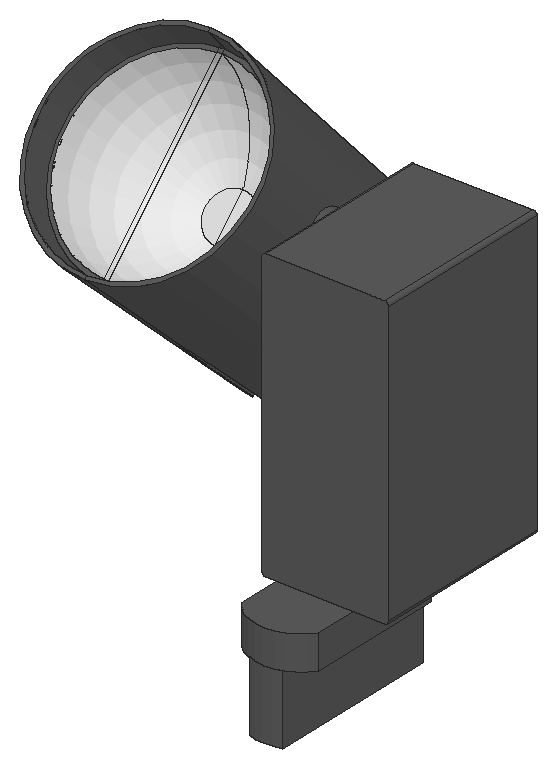
Revit family "0004899 Feilo Sylvania Lighting Fixture START TRACK SPOT S 24W 4K RA90 MB BLACK", category Lighting Fixtures, host Face, Revit 2017 (continued)
Definition of nested family "Start Track Spot Head"
  Types (96, lengths in mm): name | Wattage | built-in parameter 1150134 | Photometric Web File | Model | built-in parameter 1150105 | Lumens | built-in parameter 1150107 | built-in parameter 1150106 | HeadThickness_FEILO | HeadRibOffset_FEILO | HeadRibDepth_FEILO | HeadRibCutWidth_FEILO | HeadRibCutOffset_FEILO | HeadReflectorRadius_FEILO | HeadReflectorOffset_FEILO | HeadLEDRadius_FEILO | HeadHeight_FEILO | HeadDiffusorOffset_FEILO | HeadDiaOut_FEILO | HeadDiaIn_FEILO | HeadAxisFromTop_FEILO | Emit from Circle Diameter | built-in parameter 1150104 | Description | Apparent Load
    0004812 START TRACK SPOT S 14W 3K RA80 MB WHITE | 14 W | (empty or 0) | "0004812.ies" | "START TRACK SPOT S 14W 3K RA80 MB WHITE" | 120.32 (stored number, unit not read) | 1512 lm | 3000 (stored number, unit not read) | 1.2032 (stored number, unit not read) | 1.5 | 4.179 | 55.714 | 7.167 | 50.87 | 50.588 | 55.714 | 9.556 | 117 | 9.435 | 86 | 77.477 | 69.354 | 77.477 | 10.034 (stored number, unit not read) | "Integrated LED spotlight, Textured White - RAL9016, compact and minimalist design, ideal for retail applications, die-cast aluminium body, passive cooling heatsink. Beam angle: 36°, color temperature: 3000K , total system power: 14W, total fixture output: 1508 lm, LOR: 100%, colour rendering: Ra: 80 typical, LED Chromaticity: 3 step MacAdam ellipse, lifetime: >50000 hours at L70B50, energy class: A++, A+, A, IR/UV free light source without heat radiation, operating voltage: 220-240V / 50-60Hz, drive current: 350mA, electronic driver, non-dimmable, power factor: 0.92, electrical protection: Class II, Global Track 3 Phase adapter suitable for Global trac 3-circuit tracks, ingress protection rating: IP20, suitable for internal environment only, horizontal rotation: 355°, vertical tilt: 90°, dimensions: Ø86x140x200, weight: 0.940kg." | 14 VA
    0004811 START TRACK SPOT S 14W 3K RA80 NB WHITE | 14 W | (empty or 0) | "0004811.ies" | "START TRACK SPOT S 14W 3K RA80 NB WHITE" | 123.66 (stored number, unit not read) | 1554 lm | 3000 (stored number, unit not read) | 1.2366 (stored number, unit not read) | 1.5 | 4.179 | 55.714 | 7.167 | 50.87 | 50.588 | 55.714 | 9.556 | 117 | 9.435 | 86 | 77.477 | 69.354 | 77.477 | 10.312 (stored number, unit not read) | "Integrated LED spotlight, Textured White - RAL9016, compact and minimalist design, ideal for retail applications, die-cast aluminium body, passive cooling heatsink. Beam angle: 12°, color temperature: 3000K , total system power: 14W, total fixture output: 1551 lm, LOR: 100%, colour rendering: Ra: 80 typical, LED Chromaticity: 3 step MacAdam ellipse, lifetime: >50000 hours at L70B50, energy class: A++, A+, A, IR/UV free light source without heat radiation, operating voltage: 220-240V / 50-60Hz, drive current: 350mA, electronic driver, non-dimmable, power factor: 0.92, electrical protection: Class II, Global Track 3 Phase adapter suitable for Global trac 3-circuit tracks, ingress protection rating: IP20, suitable for internal environment only, horizontal rotation: 355°, vertical tilt: 90°, dimensions: Ø86x140x200, weight: 0.940kg." | 14 VA
  Reference planes
    plane 1 "Center (Front/Back)": y = 0
    plane 2: z = 0
    plane 3 "Center (Left/Right)": x = 0
    plane 4: x = 43
    plane 5: x = -43
    plane 6: x = -38.739
    plane 7: x = 38.739
    plane 8: z = 69.354
    plane 9: z = -47.646
    plane 10: x = -41.5
    plane 11: x = -37.239
    plane 12: z = -38.211
    plane 13: z = -35.211
    plane 14: z = 8.068
    plane 15: x = -9.556
    plane 16: x = -28.667
    plane 17: x = -19.111
    plane 18: x = -27.167
    plane 19: x = -17.611
    plane 20: x = -8.056
    plane 21: z = 13.64
    plane 22: x = -29.667
    plane 23: x = -26.167
    plane 24: x = -20.111
    plane 25: x = -16.611
    plane 26: x = -10.556
    plane 27: x = -7.056
    plane 28: x = -36.239
    plane 29: x = -40.5
    plane 30: z = 65.175
    plane 31: z = 60.997
    plane 32: z = 56.818
    plane 33: z = 18.484
    plane 34: y = -43
    plane 35: y = 43
    plane 36: y = 3.583
    plane 37: y = -3.583
    plane 38: y = -2.583
    plane 39: y = 2.583
    plane 40: y = 46
    plane 41: z = 13.5
    plane 42: z = -13.5
    plane 43: y = 39
    plane 44: x = 4.708
    plane 45: x = -2.458
    plane 46: x = -1.458
    plane 47: x = 1.458
  Forms (mm)
    Extrusion 1, solid
      sketch origin (4.2, 0, 0) x (1, 0, 0) y (0, 1, 0)
        loop
          line (-1219.2, 1219.2) -> (-1219.2, -1219.2) -> (1219.2, -1219.2) -> (1219.2, 1219.2) -> (-1219.2, 1219.2)
      from 0 to -68.017
    Revolve 2, solid, material <- "Material_1_FEILO", detail levels medium+fine
      sketch origin (0, 0, 0) x (1, 0, 0) y (0, 0, 1)
        loop
          line (-43, -47.646) -> (-41.5, -47.646) -> (-40.5, -35.211) -> (-38.739, -35.211)
          arc (-38.739, -35.211) -> (-30.16, -9.517) -> (-9.556, 8.068) r 50.588
          line (-9.556, 8.068) -> (0, 8.068) -> (0, 13.64) -> (-16.611, 13.64) -> (-17.611, 60.997) -> (-19.111, 60.997) -> (-20.111, 13.64) -> (-36.239, 13.64) -> (-37.239, 69.354) -> (-38.739, 69.354) -> (-43, -47.646)
        axis (0, 69.354) -> (0, -47.646)
      angle from 360 to 0
    Extrusion 3, void
      sketch origin (0, 0, 0) x (0, 1, 0) y (0, 0, 1)
        loop
          line (-3.583, 69.354) -> (-2.583, 18.484) -> (1.932, 18.484) -> (2.932, 69.354) -> (-3.583, 69.354)
      from 43 to -43
    Revolve 4, solid, material <- "Material_2_FEILO", detail levels medium+fine
      sketch origin (0, 0, 0) x (1, 0, 0) y (0, 0, 1)
        loop
          line (-41.5, -38.211) -> (0, -38.211) -> (0, -35.211) -> (-41.5, -35.211) -> (-41.5, -38.211)
        axis (0, -35.211) -> (0, -38.211)
      angle from 360 to 0
    Revolve 5, solid, material <- "Material_1_FEILO"
      sketch origin (0, 0, 0) x (0, 1, 0) y (0, 0, 1)
        loop
          line (46, 0) -> (39, 0) -> (39, -13.5) -> (46, -13.5) -> (46, 0)
        axis (39, 0) -> (46, 0)
      angle from 360 to 0
    Revolve 6, solid, material <- "Material_1_FEILO", detail levels medium+fine
      sketch origin (0, 0, 0) x (1, 0, 0) y (0, 0, 1)
        loop
          line (-29.667, 13.64) -> (-26.167, 13.64) -> (-27.167, 65.175) -> (-28.667, 65.175) -> (-29.667, 13.64)
        loop
          line (-10.556, 13.64) -> (-7.056, 13.64) -> (-7.833, 56.818) -> (-9.778, 56.818) -> (-10.556, 13.64)
        axis (0, 65.175) -> (0, 13.64)
      angle from 360 to 0
    Extrusion 7, void
      sketch origin (0, 0, 0) x (1, 0, 0) y (0, 0, 1)
        loop
          line (4.708, 69.354) -> (-2.458, 69.354) -> (-1.458, 13.64) -> (1.458, 13.64) -> (4.708, 69.354)
      from -43 to 43
    Revolve 8, solid, material <- "Material_1_FEILO", detail levels coarse
      sketch origin (0, 0, 0) x (1, 0, 0) y (0, 0, 1)
        loop
          line (0, 69.354) -> (-38.739, 69.354) -> (-43, -47.646) -> (-41.5, -47.646) -> (-40.731, -38.211) -> (0, -38.211) -> (0, 69.354)
        axis (0, 69.354) -> (0, -47.646)
      angle from 360 to 0
  Cuts and joins
    Extrusion 3 cuts Revolve 2
    Extrusion 7 cuts Revolve 6
  Dimensions and locks
    equal spacing: plane 7, plane 3 "Center (Left/Right)", plane 6
    equal spacing: plane 4, plane 3 "Center (Left/Right)", plane 5
    "HeadDiaOut_FEILO": plane 4 to plane 5
    "HeadDiaIn_FEILO": plane 7 to plane 6
    "HeadHeight_FEILO": plane 8 to plane 9
    "HeadThickness_FEILO": plane 10 to plane 5
    "HeadThickness_FEILO": plane 11 to plane 6
    "HeadDiffusorOffset_FEILO": plane 12 to plane 9
    "HeadDiffusorThickness_FEILO": plane 13 to plane 12
    "HeadReflectorOffset_FEILO": plane 14 to plane 9
    "HeadLEDRadius_FEILO": plane 3 "Center (Left/Right)" to plane 15
    "HeadLEDRadius_FEILO": plane 15 to plane 17
    "HeadLEDRadius_FEILO": plane 17 to plane 16
    "HeadThickness_FEILO": plane 18 to plane 16
    "HeadThickness_FEILO": plane 19 to plane 17
    "HeadThickness_FEILO": plane 20 to plane 15
    "HeadRibDepth_FEILO": plane 8 to plane 21
    "HeadDraft_FEILO": plane 16 to plane 22
    "HeadDraft_FEILO": plane 23 to plane 18
    "HeadDraft_FEILO": plane 17 to plane 24
    "HeadDraft_FEILO": plane 25 to plane 19
    "HeadDraft_FEILO": plane 15 to plane 26
    "HeadDraft_FEILO": plane 27 to plane 20
    "HeadDraft_FEILO": plane 29 to plane 10
    "HeadDraft_FEILO": plane 28 to plane 11
    "HeadRibOffset_FEILO": plane 8 to plane 30
    "HeadRibOffset_FEILO": plane 30 to plane 31
    "HeadRibOffset_FEILO": plane 31 to plane 32
    "HeadAxisFromTop_FEILO": plane 8 to plane 2
    "HeadRibCutOffset_FEILO": plane 8 to plane 33
    equal spacing: plane 34, plane 1 "Center (Front/Back)", plane 35
    "HeadDiaOut_FEILO": plane 34 to plane 35
    equal spacing: plane 38, plane 1 "Center (Front/Back)", plane 39
    equal spacing: plane 37, plane 1 "Center (Front/Back)", plane 36
    "HeadRibCutWidth_FEILO": plane 37 to plane 36
    "HeadDraft_FEILO": plane 37 to plane 38
    locked: plane 35 to plane 40 at 3
    equal spacing: plane 41, plane 2, plane 42
    locked: plane 42 to plane 41 at 27
    locked: plane 43 to plane 35 at 4
    equal spacing: plane 45, imposter light, plane 44
    "HeadDraft_FEILO": plane 46 to plane 45
    "HeadRibCutWidth_FEILO": plane 44 to plane 45
    equal spacing: plane 47, plane 3 "Center (Left/Right)", plane 46
    "HeadReflectorRadius_FEILO": radius of Revolve 2 sketch curve
    aligned and locked: plane 2 to Extrusion 1
    aligned and locked: level to Extrusion 1
    aligned and locked: Revolve 2 sketch curve to plane 3 "Center (Left/Right)"  (x2)
    aligned and locked: plane 9 to Revolve 2 sketch curve  (x2)
    aligned and locked: plane 5 to Revolve 2 sketch curve
    aligned and locked: plane 10 to Revolve 2 sketch curve
    aligned and locked: plane 14 to Revolve 2 sketch curve
    aligned and locked: plane 8 to Revolve 2 sketch curve
    aligned and locked: Revolve 2 sketch curve to plane 13
    aligned and locked: plane 12 to Revolve 4 sketch curve
    aligned and locked: plane 3 "Center (Left/Right)" to Revolve 4 sketch curve
    aligned and locked: Revolve 4 sketch curve to plane 10
    aligned and locked: Revolve 4 sketch curve to plane 3 "Center (Left/Right)"
    aligned and locked: plane 12 to imposter light
    aligned and locked: imposter light to plane 1 "Center (Front/Back)"
    aligned and locked: Revolve 5 sketch curve to plane 2
    aligned and locked: plane 43 to Revolve 5 sketch curve
    aligned and locked: plane 42 to Revolve 5 sketch curve
    aligned and locked: Revolve 6 sketch curve to plane 3 "Center (Left/Right)"
    aligned and locked: plane 22 to Revolve 6 sketch curve
    aligned and locked: plane 30 to Revolve 6 sketch curve
    aligned and locked: plane 23 to Revolve 6 sketch curve
    aligned and locked: Revolve 6 sketch curve to plane 21  (x2)
    aligned and locked: plane 21 to Revolve 6 sketch curve
    aligned and locked: plane 17 to Revolve 2 sketch curve
    aligned and locked: plane 19 to Revolve 2 sketch curve
    aligned and locked: plane 31 to Revolve 2 sketch curve
    aligned and locked: plane 21 to Revolve 2 sketch curve
    aligned and locked: Extrusion 3 to plane 8
    aligned and locked: plane 33 to Extrusion 3
    aligned and locked: plane 8 to Extrusion 3 sketch curve
    aligned and locked: Extrusion 3 sketch curve to plane 33
    aligned and locked: Extrusion 3 to plane 5
    aligned and locked: plane 4 to Extrusion 3
    aligned and locked: plane 32 to Revolve 6 sketch curve
    aligned and locked: plane 44 to Extrusion 7 sketch curve
    aligned and locked: Extrusion 7 sketch curve to plane 8
    aligned and locked: plane 46 to Extrusion 7 sketch curve
    aligned and locked: plane 21 to Extrusion 7 sketch curve
    aligned and locked: plane 34 to Extrusion 7
    aligned and locked: Extrusion 7 to plane 35
    aligned and locked: Revolve 4 sketch curve to plane 13
    aligned and locked: Revolve 5 sketch curve to plane 40
    aligned and locked: Revolve 8 sketch curve to plane 3 "Center (Left/Right)"
    aligned and locked: Revolve 8 sketch curve to cut or joined group of Revolve 2, Extrusion 3  (x3)
    aligned and locked: plane 5 to Revolve 8 sketch curve
    aligned and locked: plane 3 "Center (Left/Right)" to Revolve 8 sketch curve
    aligned and locked: plane 12 to Revolve 8 sketch curve
  Automatic sketch dimensions
    Extrusion 1 sketch curve to Extrusion 1 sketch curve = 2438.4 mm  (x2)
    Extrusion 3 sketch curve to plane 37 = 0 mm
    Extrusion 3 sketch curve to plane 38 = 0 mm
    plane 39 to Extrusion 3 sketch curve = 0.651 mm
    Extrusion 3 sketch curve to plane 39 = 0.349 mm
    Revolve 6 sketch curve to plane 16 = 0 mm
    Revolve 6 sketch curve to plane 18 = 0 mm
    Revolve 6 sketch curve to plane 26 = 0 mm
    Revolve 6 sketch curve to plane 27 = 0 mm
    Revolve 6 sketch curve to plane 15 = 0.222 mm
    plane 9 to Revolve 6 sketch curve = 559.103 mm
    Revolve 6 sketch curve to plane 8 = 2535.555 mm
    plane 20 to Revolve 6 sketch curve = 0.222 mm
    Revolve 2 sketch curve to plane 29 = 0 mm
    Revolve 2 sketch curve to plane 6 = 0 mm  (x2)
    Revolve 2 sketch curve to plane 11 = 0 mm
    Revolve 2 sketch curve to plane 21 = 0 mm
    Revolve 2 sketch curve to plane 28 = 0 mm
    Revolve 2 sketch curve to plane 24 = 0 mm
    Revolve 2 sketch curve to plane 25 = 0 mm
    Revolve 2 sketch curve to plane 15 = 0 mm
    Revolve 2 sketch curve to Revolve 2 sketch curve = 557.155 mm
    Revolve 2 sketch curve to plane 8 = 2535.558 mm
    Extrusion 7 sketch curve to plane 45 = 0 mm
    Extrusion 7 sketch curve to plane 47 = 0 mm
    plane 9 to Revolve 4 sketch curve = 559.103 mm
    Revolve 4 sketch curve to plane 8 = 2535.555 mm
    Revolve 5 sketch curve to level = 0 mm
    plane 34 to Revolve 5 sketch curve = 1968.092 mm
    Revolve 5 sketch curve to plane 40 = 1405.763 mm
    Revolve 8 sketch curve to plane 6 = 0 mm
    Revolve 8 sketch curve to plane 29 = 0.231 mm
    plane 9 to Revolve 8 sketch curve = 559.103 mm
    Revolve 8 sketch curve to Revolve 8 sketch curve = 2535.555 mm
Definition of nested family "Start Track Spot Box"
  Parameters (values of type "Type Large White")
    URL = "http://www.feilosylvania.com"
    Type Image = (empty or 0)
    Type Comments = "n/a"
    Small_FEILO = no
    Material_3_FEILO = none
    Model = ""
    Manufacturer = "Feilo Sylvania"
    Keynote = ""
    Material_2_FEILO = none
    Description = ""
    Default Elevation = 1219.2 mm
    Cost = 0
    Material_1_FEILO = none
    BoxWidth_FEILO = 49 mm
    BoxStartAngle_FEILO [instance] = 0.00°
    BoxRadius_FEILO = 1.5 mm
    BoxHeight_FEILO = if(Small_FEILO, 112 mm, 136 mm)  # 136 mm
    BoxEndAngle_FEILO [instance] = BoxStartAngle_FEILO - 180.00°  # -180.00°
    BoxDepth_FEILO = if(Small_FEILO, 71.5 mm, 79 mm)  # 79 mm
    BoxAxisVerticalOffset_FEILO = 16 mm
    BoxAxisOffset_FEILO = BoxHeight_FEILO / 6.8  # 20 mm
    Assembly Code = ""
    Material_4_FEILO = none
  Types (4, lengths in mm): name | Small_FEILO | BoxHeight_FEILO | BoxDepth_FEILO | BoxAxisOffset_FEILO
    Type Large White | no | 136 | 79 | 20
    Type Small White | yes | 112 | 71.5 | 16.471
    Type Small Black | yes | 112 | 71.5 | 16.471
    Type Large Black | no | 136 | 79 | 20
  Reference planes
    plane 1 "Center (Front/Back)": y = 0
    plane 2: z = 0
    plane 3 "Center (Left/Right)": x = 0
    plane 4: x = 24.5
    plane 5: x = -24.5
    plane 6: y = 68
    plane 7: y = -68
    plane 8: z = 39.5
    plane 9: z = -39.5
    plane 10: y = -48
    plane 11: x = 30.5
    plane 12: x = 8.5
    plane 13: x = 21.5
    plane 14: y = 70
    plane 15: y = 72
    plane 16: x = 19.5
  Forms (mm)
    Extrusion 1, solid
      sketch origin (4.2, 0, 0) x (1, 0, 0) y (0, 1, 0)
        loop
          line (-1219.2, 1219.2) -> (-1219.2, -1219.2) -> (1219.2, -1219.2) -> (1219.2, 1219.2) -> (-1219.2, 1219.2)
      from 0 to -68.017
    Extrusion 2, solid, material <- "Material_1_FEILO"
      sketch origin (0, 0, 0) x (1, 0, 0) y (0, 1, 0)
        loop
          arc (-23, 68) -> (-24.061, 67.561) -> (-24.5, 66.5) r 1.5
          line (-24.5, 66.5) -> (-24.5, -66.5)
          arc (-24.5, -66.5) -> (-24.061, -67.561) -> (-23, -68) r 1.5
          line (-23, -68) -> (23, -68)
          arc (23, -68) -> (24.061, -67.561) -> (24.5, -66.5) r 1.5
          line (24.5, -66.5) -> (24.5, 66.5)
          arc (24.5, 66.5) -> (24.061, 67.561) -> (23, 68) r 1.5
          line (23, 68) -> (-23, 68)
      from -39.5 to 39.5
    Revolve 3, solid, not visible
      sketch origin (0, 0, 0) x (1, 0, 0) y (0, 1, 0)
        loop
          line (30.5, -48) -> (24.5, -48) -> (24.5, -68) -> (30.5, -68) -> (30.5, -48)
        axis (30.5, -48) -> (24.5, -48)
      angle from 0 <- "BoxStartAngle_FEILO" to -180 <- "BoxEndAngle_FEILO"
    Revolve 4, solid, material <- "Material_2_FEILO"
      sketch origin (0, 0, 0) x (1, 0, 0) y (0, 1, 0)
        loop
          line (8.5, 68) -> (19.5, 68) -> (19.5, 70) -> (21.5, 70) -> (21.5, 72) -> (8.5, 72) -> (8.5, 68)
        axis (8.5, 72) -> (8.5, 68)
      angle from 360 to 0
  Dimensions and locks
    equal spacing: plane 5, plane 3 "Center (Left/Right)", plane 4
    "BoxWidth_FEILO": plane 5 to plane 4
    equal spacing: plane 7, plane 1 "Center (Front/Back)", plane 6
    "BoxHeight_FEILO": plane 7 to plane 6
    equal spacing: plane 8, plane 2, plane 9
    "BoxDepth_FEILO": plane 8 to plane 9
    "BoxAxisOffset_FEILO": plane 7 to plane 10
    locked: plane 4 to plane 11 at 6
    "BoxAxisVerticalOffset_FEILO": plane 12 to plane 4
    locked: plane 12 to plane 13 at 13
    plane 6 to plane 14 to plane 15 = 2 mm locked, 2 mm locked
    locked: plane 12 to plane 16 at 11
    "BoxRadius_FEILO": radius of Extrusion 2 sketch curve  (x4)
    aligned and locked: plane 2 to Extrusion 1
    aligned and locked: level to Extrusion 1
    aligned and locked: plane 6 to Extrusion 2 sketch curve
    aligned and locked: plane 5 to Extrusion 2 sketch curve
    aligned and locked: Extrusion 2 sketch curve to plane 7
    aligned and locked: Extrusion 2 sketch curve to plane 4
    aligned and locked: Extrusion 2 to plane 8
    aligned and locked: plane 9 to Extrusion 2
    aligned and locked: Revolve 3 sketch curve to plane 10  (x2)
    aligned and locked: plane 11 to Revolve 3 sketch curve
    aligned and locked: Revolve 3 sketch curve to plane 4
    aligned and locked: plane 7 to Revolve 3 sketch curve
    aligned and locked: Revolve 4 sketch curve to plane 12
    aligned and locked: plane 6 to Revolve 4 sketch curve
    aligned and locked: plane 12 to Revolve 4 sketch curve
    aligned and locked: plane 15 to Revolve 4 sketch curve
    aligned and locked: Revolve 4 sketch curve to plane 13
    aligned and locked: Revolve 4 sketch curve to plane 14
    aligned and locked: Revolve 4 sketch curve to plane 16
    aligned and locked: Revolve 4 sketch curve to plane 6
  Automatic sketch dimensions
    Extrusion 1 sketch curve to Extrusion 1 sketch curve = 2438.4 mm  (x2)
    Revolve 3 sketch curve to plane 5 = 1499.5 mm
    plane 11 to Revolve 3 sketch curve = 1493.5 mm
    plane 15 to Revolve 4 sketch curve = 0 mm
    plane 7 to Revolve 4 sketch curve = 1456 mm
    Revolve 4 sketch curve to plane 15 = 1452 mm
